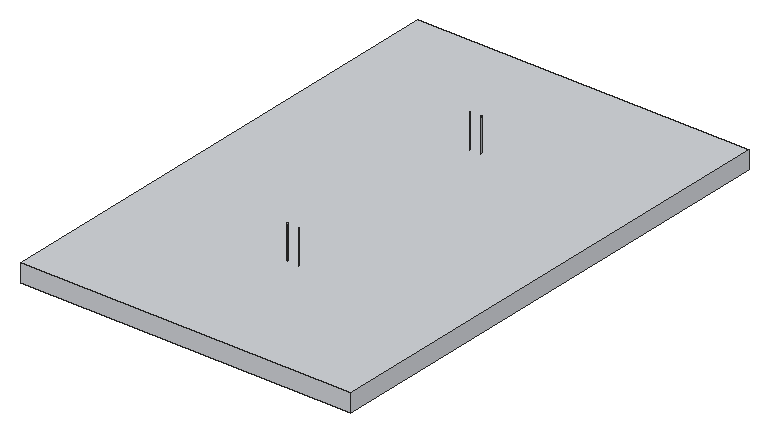
Revit family "ABRFB1480xxWSxxxMRM06xx", category Leuchten, Revit 2019
Family settings
  Basisbauteil = Fläche
  Bemaßung runder Anschluss = Durchmesser verwenden
  Teiletyp = Normal
  OmniClass-Nummer = 23.80.70.11
  OmniClass-Titel = Luminaries for Internal Lighting
  Beim Laden mit Abzugskörper schneiden = Nein
  Lichtquelle = Ja
  Gemeinsam genutzt = Nein
  Raumberechnungspunkt = Nein
Parameters (values of type "ABRFB1480NDWS840MRM0650")
  width = 131 mm  # constant formula
  weight = "4,22"
  voltage type (AC, DC, UC) = "AC"
  suspension hight [instance] = 200 mm
  rated input power = 51  # constant formula
  product name = "ABRFB1480NDWS840MRM0650"
  nominal voltage = "230"
  nominal frequency = "50-60Hz"
  length = 1480 mm  # constant formula
  ingress protection (IP) code = "IP20"
  height = 59 mm  # constant formula
  electrical safety class = "1"
  control gear = ""
  conformity mark = "CE"  # constant formula
  brand = "RIDI"
  approval mark = ""
  built-in parameter 1150104 = 13.8 (stored number, unit not read)
  Wattage = 42.4123 W
  Von Breite des Rechtecks ausssenden = 1460 mm  # constant formula
  Von Länge des Rechtecks aussenden = 48 mm  # constant formula
  Default Elevation = 0 mm
  built-in parameter 1150113 = 1 (stored number, unit not read)
  built-in parameter 1114218 = 1 (stored number, unit not read)
  URL = "www.ridi.de"
  built-in parameter 1150134 = 12
  built-in parameter 1150109 = 1 (stored number, unit not read)
  built-in parameter 1150110 = 1 (stored number, unit not read)
  Apparent Load = 51 VA  # constant formula
  Tilt Angle = 90.00°
  Modell = "0657746"
  built-in parameter 1114217 = 1 (stored number, unit not read)
  built-in parameter 1150139 = (empty or 0)
  built-in parameter 1150105 = 501.34 (stored number, unit not read)
  built-in parameter 1150114 = 1 (stored number, unit not read)
  Lumens = 6300 lm
  built-in parameter 1150115 = 1 (stored number, unit not read)
  built-in parameter 1150112 = 1 (stored number, unit not read)
  Lampe = "LED"
  Hersteller = "RIDI Leuchten GmbH"  # constant formula
  Dimming Lamp Color Temperature Shift = (empty or 0)
  Color Filter = 16777215
  built-in parameter 1150133 = 10 (stored number, unit not read)
  Emit Shape Visible in Rendering = no
  built-in parameter 1150137 = (empty or 0)
  built-in parameter 1150132 = 2
  Datei für fotometrisches Netz = "ABRFB_MRM.IES"
  Copyright = "© RIDI. All rights reserved."  # constant formula
  built-in parameter 1150106 = 5.0134 (stored number, unit not read)
  Baugruppenkennzeichen = "D5020200"
  built-in parameter 1150107 = 4000 (stored number, unit not read)
  built-in parameter 1150102 = (empty or 0)
  built-in parameter 1150138 = (empty or 0)
Types (5, lengths in mm): name | product name | Wattage | built-in parameter 1150134 | Modell | built-in parameter 1150105 | Lumens | built-in parameter 1150106 | built-in parameter 1150107
  (no name) | "ABRFB1480NDWS840MRM0650" | 42.4123 W | 12 | "0657746" | 501.34 (stored number, unit not read) | 6300 lm | 5.0134 (stored number, unit not read) | 4000 (stored number, unit not read)
  ABRFB1480DAWS830MRM0600 | "ABRFB1480DAWS830MRM0600" | 40.3926 W | (empty or 0) | "0667749" | 477.46 (stored number, unit not read) | 6000 lm | 4.7746 (stored number, unit not read) | 3000 (stored number, unit not read)
  ABRFB1480DAWS840MRM0650 | "ABRFB1480DAWS840MRM0650" | 42.4123 W | 12 | "0667749" | 501.34 (stored number, unit not read) | 6300 lm | 5.0134 (stored number, unit not read) | 4000 (stored number, unit not read)
  ABRFB1480NDWS830MRM0600 | "ABRFB1480NDWS830MRM0600" | 40.3926 W | (empty or 0) | "0657749" | 477.46 (stored number, unit not read) | 6000 lm | 4.7746 (stored number, unit not read) | 3000 (stored number, unit not read)
  ABRFB1480NDWS840MRM0650 | "ABRFB1480NDWS840MRM0650" | 42.4123 W | 12 | "0657746" | 501.34 (stored number, unit not read) | 6300 lm | 5.0134 (stored number, unit not read) | 4000 (stored number, unit not read)
Reference planes
  plane 1 "Mitte (Vorne/hinten)": y = 0
  plane 2: z = 0
  plane 3 "Mitte (Links/rechts)": x = 0
  plane 4: z = 200
Forms (mm)
  Extrusion 1, solid
    sketch origin (219.2, 280.8, 0) x (1, 0, 0) y (0, 1, 0)
      loop
        line (-1219.2, 1219.2) -> (-1219.2, -1780.8) -> (780.8, -1780.8) -> (780.8, 1219.2) -> (-1219.2, 1219.2)
    from 0 to -107.307
  Extrusion 2, solid
    sketch origin (0, 0, 0) x (1, 0, 0) y (0, 1, 0)
      loop
        circle (-33.448, 688.906) r 1
      loop
        circle (33.879, 688.894) r 1
      loop
        circle (-35.537, -688.622) r 1
      loop
        circle (34.463, -688.61) r 1
    from -5.76 to 200
Dimensions and locks
  "suspension hight": plane 4 to Extrusion 1
  locked: Extrusion 1 to Extrusion 2 at 5.76
  import instance to import instance = 131 mm
  import instance to import instance = 1480 mm
  aligned and locked: plane 2 to Extrusion 1
  aligned and locked: imposter light to plane 3 "Mitte (Links/rechts)"
  aligned and locked: plane 4 to Extrusion 2
  aligned and locked: import instance to plane 4
  aligned and locked: imposter light to import instance
Automatic sketch dimensions
  Extrusion 1 sketch curve to Extrusion 1 sketch curve = 2000 mm
  Extrusion 1 sketch curve to Extrusion 1 sketch curve = 3000 mm
  Extrusion 2 sketch curve to plane 3 "Mitte (Links/rechts)" = 35.537 mm
  Extrusion 2 sketch curve to plane 3 "Mitte (Links/rechts)" = 33.448 mm
  plane 3 "Mitte (Links/rechts)" to Extrusion 2 sketch curve = 33.879 mm
  plane 3 "Mitte (Links/rechts)" to Extrusion 2 sketch curve = 34.463 mm
  plane 1 "Mitte (Vorne/hinten)" to Extrusion 2 sketch curve = 688.61 mm
  Extrusion 2 sketch curve to Extrusion 2 sketch curve = 0.012 mm  (x2)
  Extrusion 2 sketch curve to plane 1 "Mitte (Vorne/hinten)" = 688.894 mm
  radius of Extrusion 2 sketch curve = 1 mm  (x4)
